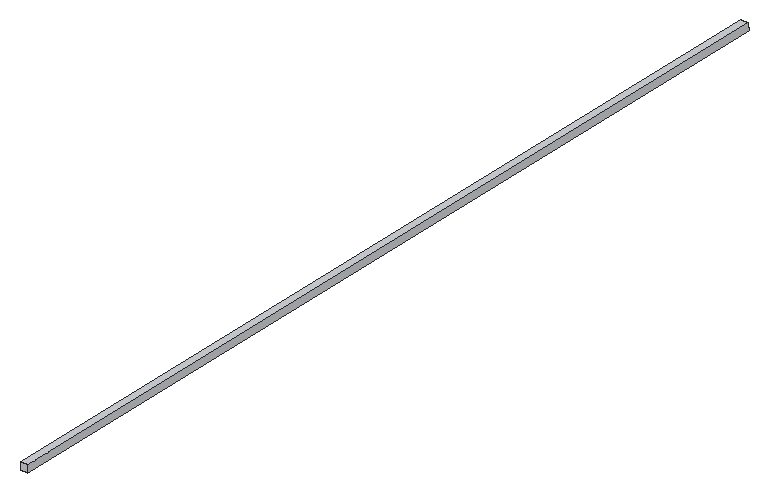
Revit family "SR 2010 KST", category Lighting Fixtures, host Face, Revit 2016
Family settings
  Host = Face
  Part Type = Normal
  Round Connector Dimension = Use Diameter
  Cut with Voids When Loaded = No
  Light Source = Yes
  Shared = No
  Room Calculation Point = No
Parameters (values of type "SRKST.2010.57.30")
  Wattage Comments = "57"
  Wattage = 20.5329 W
  built-in parameter 1150110 = 1 (stored number, unit not read)
  Type Image = SR 2010 KST.JPG
  built-in parameter 1114217 = 1 (stored number, unit not read)
  built-in parameter 1150109 = 1 (stored number, unit not read)
  built-in parameter 1150134 = (empty or 0)
  built-in parameter 1150113 = 1 (stored number, unit not read)
  Manufacturer = "ARLIGHT"
  built-in parameter 1150105 = 970.85 (stored number, unit not read)
  Lumens = 3050 lm
  built-in parameter 1150115 = 1 (stored number, unit not read)
  Light Source Symbol Size = 609.6 mm
  built-in parameter 1150137 = (empty or 0)
  built-in parameter 1150139 = (empty or 0)
  built-in parameter 1150112 = 1 (stored number, unit not read)
  built-in parameter 1150114 = 1 (stored number, unit not read)
  built-in parameter 1150132 = 2
  built-in parameter 1150102 = (empty or 0)
  built-in parameter 1150107 = 3000 (stored number, unit not read)
  built-in parameter 1150138 = (empty or 0)
  built-in parameter 1150106 = 9.7085 (stored number, unit not read)
  Emit from Rectangle Width = 2000 mm
  Emit from Rectangle Length = 40 mm
  Emit Shape Visible in Rendering = no
  built-in parameter 1150104 = 13.8 (stored number, unit not read)
  Dimming Lamp Color Temperature Shift = <None>
  Default Elevation = 1219.2 mm
  Color Filter = 16777215
  built-in parameter 1114218 = 1 (stored number, unit not read)
  built-in parameter 1150133 = 10 (stored number, unit not read)
Types (3, lengths in mm): name | Wattage | built-in parameter 1150134 | built-in parameter 1150105 | Lumens | built-in parameter 1150107 | built-in parameter 1150106
  (no name) | 20.5329 W | (empty or 0) | 970.85 (stored number, unit not read) | 3050 lm | 3000 (stored number, unit not read) | 9.7085 (stored number, unit not read)
  SRKST.2010.57.30 | 20.5329 W | (empty or 0) | 970.85 (stored number, unit not read) | 3050 lm | 3000 (stored number, unit not read) | 9.7085 (stored number, unit not read)
  SRKST.2010.57.40 | 24.9088 W | 12 | 1177.7 (stored number, unit not read) | 3700 lm | 4000 (stored number, unit not read) | 11.777 (stored number, unit not read)
Reference planes
  plane 1 "Center (Front/Back)": y = 0
  plane 2: z = 0
  plane 3 "Center (Left/Right)": x = 0
Forms (mm)
  Extrusion 1, solid
    sketch origin (0, 0, 0) x (1, 0, 0) y (0, 0, 1)
      loop
        line (9.222, 19.856) -> (-10.326, 19.856) -> (-10.326, 0) -> (9.222, 0) -> (9.222, 19.856)
    from -1219.2 to 1219.2
Dimensions and locks
  aligned and locked: plane 2 to host face
  aligned and locked: level to host face
Connectors
  electrical at (0, 0, 0)
    settings: index 1, voltage 0 V, apparent load 0 VA, apparent load phase1 0 VA, apparent load phase2 0 VA, apparent load phase3 0 VA, power factor 1, load classification "Other", number of poles 1, system type 31, power factor state 1, is connector primary yes, connector utility no, sub classification motor no, connector description ""
